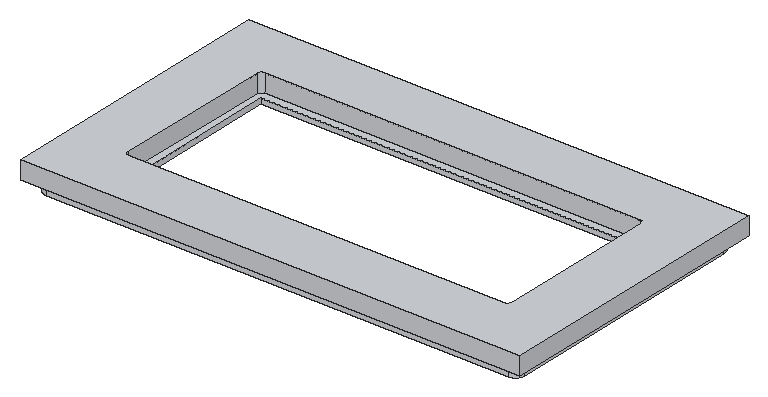
Revit family "Gira_1002223", category Electrical Fixtures, host Face, Revit 2017
Family settings
  Host = Face
  Maintain Annotation Orientation = No
  Round Connector Dimension = Use Diameter
  Part Type = Normal
  Cut with Voids When Loaded = No
  Shared = No
  Room Calculation Point = No
Parameters (values of type "Abdeckrahmen 2f o.M. Gira Esprit Lin.Mpx.Dklbraun")
  Werkstoffgüte = "sonstige"
  Werkstoff = "sonstige"
  URL = "http://katalog.gira.de/de_DE/datenblatt.html?artikelnr=1002223"
  Transparent = "No"
  Textfeld/Beschriftungsfläche = "No"
  Schutzart (IP) = "IP21"
  Region = "DE"
  Oberfläche = "sonstige"
  Name = "Abdeckrahmen 2f o.M. Gira Esprit Lin.Mpx.Dklbraun"
  Montagerichtung = "horizontal und vertikal"
  Mit Montagerahmen = "No"
  Mit Klappdeckel = "No"
  Manufacturer URL = "https://www.gira.de/"
  Keynote = "Espr._Rahmen_2fach o.Mittelsteg"
  HeinzeBIM = "https://bimportal.heinze.de/bim/abdeckrahmen-2f-o-m-gira-esprit-lin-mpx-dklbraun/cb363df5cabccc5a6181ca88283047d96c9fcc15"
  Halogenfrei = "No"
  HAN = "1002223"
  Geeignet für Unterputz-Installation = "Yes"
  Geeignet für Unterflurkanaldose = "No"
  Geeignet für Geräteeinbaukanal = "No"
  Geeignet für Einbauinstallation = "No"
  GTIN = "4010337015987"
  Farbe = "sonstige"
  Default Elevation = 1219.2 mm
  Data sheet (1) = "https://katalog.gira.de/de_DE/download.html?artikelnr=1002223"
  Category = "Abdeckrahmen"
  Befestigungsart = "Klemmbefestigung"
  Available = "Yes"
  Anzahl der Einheiten vertikal = "2 "
  Anzahl der Einheiten horizontal = "2 "
  Anzahl der Einheiten = "2 "
Reference planes
  plane 1 "Center (Front/Back)": y = 0
  plane 2: z = 0
  plane 3 "Center (Left/Right)": x = 0
Forms (mm)
  Extrusion 1, solid, detail levels fine
    sketch origin (0, 0, 0) x (1, 0, 0) y (0, 1, 0)
      loop
        line (-83, 47.5) -> (-83, -47.5) -> (83, -47.5) -> (83, 47.5) -> (-83, 47.5)
      loop
        arc (-63.75, -26.7) -> (-63.311, -27.761) -> (-62.25, -28.2) r 1.5
        line (-62.25, -28.2) -> (62.25, -28.2)
        arc (62.25, -28.2) -> (63.311, -27.761) -> (63.75, -26.7) r 1.5
        line (63.75, -26.7) -> (63.75, 26.7)
        arc (63.75, 26.7) -> (63.311, 27.761) -> (62.25, 28.2) r 1.5
        line (62.25, 28.2) -> (-62.25, 28.2)
        arc (-62.25, 28.2) -> (-63.311, 27.761) -> (-63.75, 26.7) r 1.5
        line (-63.75, 26.7) -> (-63.75, -26.7)
    from 0 to 6
  Extrusion 2, solid, detail levels fine
    sketch origin (0, 0, 0) x (1, 0, 0) y (0, 1, 0)
      loop
        line (-61.518, -25.7) -> (61.45, -25.7) -> (61.45, 25.7) -> (-61.518, 25.7) -> (-61.518, -25.7)
      loop
        arc (-78.55, -41.3) -> (-78.023, -42.573) -> (-76.75, -43.1) r 1.8
        line (-76.75, -43.1) -> (77.95, -43.1)
        arc (77.95, -43.1) -> (79.223, -42.573) -> (79.75, -41.3) r 1.8
        line (79.75, -41.3) -> (79.75, 41.3)
        arc (79.75, 41.3) -> (79.223, 42.573) -> (77.95, 43.1) r 1.8
        line (77.95, 43.1) -> (-76.75, 43.1)
        arc (-76.75, 43.1) -> (-78.023, 42.573) -> (-78.55, 41.3) r 1.8
        line (-78.55, 41.3) -> (-78.55, -41.3)
    from -1.9 to 0
  Extrusion 3, solid, detail levels fine
    sketch origin (0, 0, 0) x (1, 0, 0) y (0, 1, 0)
      loop
        arc (-76.75, 44.4) -> (-78.871, 43.521) -> (-79.75, 41.4) r 3
        line (-79.75, 41.4) -> (-79.75, -41.4)
        arc (-79.75, -41.4) -> (-78.871, -43.521) -> (-76.75, -44.4) r 3
        line (-76.75, -44.4) -> (76.75, -44.4)
        arc (76.75, -44.4) -> (78.871, -43.521) -> (79.75, -41.4) r 3
        line (79.75, -41.4) -> (79.75, 41.4)
        arc (79.75, 41.4) -> (78.871, 43.521) -> (76.75, 44.4) r 3
        line (76.75, 44.4) -> (-76.75, 44.4)
      loop
        arc (-78.55, -41.4) -> (-78.023, -42.673) -> (-76.75, -43.2) r 1.8
        line (-76.75, -43.2) -> (76.75, -43.2)
        arc (76.75, -43.2) -> (78.023, -42.673) -> (78.55, -41.4) r 1.8
        line (78.55, -41.4) -> (78.55, 41.4)
        arc (78.55, 41.4) -> (78.023, 42.673) -> (76.75, 43.2) r 1.8
        line (76.75, 43.2) -> (-76.75, 43.2)
        arc (-76.75, 43.2) -> (-78.023, 42.673) -> (-78.55, 41.4) r 1.8
        line (-78.55, 41.4) -> (-78.55, -41.4)
    from -3.7 to 0
  Extrusion 4, solid, detail levels medium
    sketch origin (0, 0, 0) x (1, 0, 0) y (0, 1, 0)
      loop
        line (-83, 47.5) -> (-83, -47.5) -> (83, -47.5) -> (83, 47.5) -> (-83, 47.5)
    from 0 to 6
  Extrusion 5, solid, detail levels medium
    sketch origin (0, 0, 0) x (1, 0, 0) y (0, 1, 0)
      loop
        line (-79.75, 44.4) -> (-79.75, -44.4) -> (79.75, -44.4) -> (79.75, 44.4) -> (-79.75, 44.4)
    from -3.7 to 0
  Extrusion 6, solid, detail levels coarse
    sketch origin (0, 0, 0) x (1, 0, 0) y (0, 1, 0)
      loop
        line (-83, 47.5) -> (-83, -47.5) -> (83, -47.5) -> (83, 47.5) -> (-83, 47.5)
    from -3.7 to 6
Dimensions and locks
  aligned and locked: plane 2 to host face
  aligned and locked: level to host face
